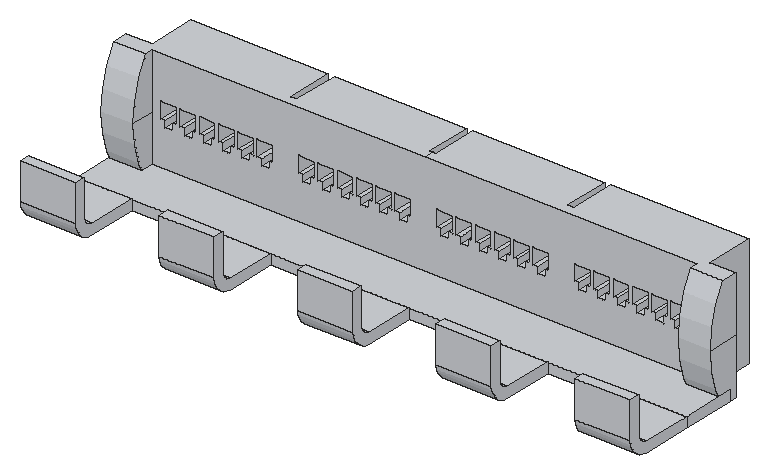
Revit family
Parameters
  Material ID = "760102251"
  Description = "360-Patchmax-GS6-2U"
Reference planes (in)
  plane 1 "Center (Front/Back)": y = 0
  plane 2: z = 0
  plane 3 "Center (Left/Right)": x = 0
Forms (in)
  Extrusion 1, solid
    sketch origin (0, 0, 0) x (1, 0, 0) y (0, 0, 1)
      loop
        line (0, 1.75) -> (-9.5, 1.75) -> (-9.5, 0) -> (-9.5, -1.75) -> (0, -1.75) -> (9.5, -1.75) -> (9.5, 0) -> (9.5, 1.75) -> (0, 1.75)
    from 0 to 2.5
  Extrusion 2, void
    sketch origin (0, 0, 0) x (0, 1, 0) y (0, 0, 1)
      loop
        line (-2, 1.75) -> (-3.8877, 1.75) -> (-3.8877, -1.75) -> (-2, -1.75)
        arc (-2, -1.75) -> (-2.4805, 0) -> (-2, 1.75) r 3.42703
    from -11.51115 to 12
  Extrusion 3, void
    sketch origin (0, 0, 0) x (1, 0, 0) y (0, 0, 1)
      loop
        line (-8.5, 1.75) -> (-8.5, 0) -> (-8.5, -1.75) -> (0, -1.75) -> (8.5, -1.75) -> (8.5, 0) -> (8.5, 1.75) -> (0, 1.75) -> (-8.5, 1.75)
    from 1.75233 to 12
  Extrusion 4, void
    sketch origin (0, 0, 0) x (0, 1, 0) y (0, 0, 1)
      loop
        line (0, 1.75) -> (-1.5, 1.75) -> (-1.5, -1.75) -> (0, -1.75) -> (0, 1.75)
    from 8.68821 to 11.36382
  Extrusion 5, void
    sketch origin (0, 0, 0) x (0, 1, 0) y (0, 0, -1)
      loop
        line (0, -1.75) -> (0, 1.75) -> (-1.5, 1.75) -> (-1.5, -1.75) -> (0, -1.75)
    from 8.68821 to 11.36382
  Extrusion 6, void, not visible
    sketch origin (0, 0, 0) x (1, 0, 0) y (0, 0, 1)
      loop
        line (-7.85662, 0.48089) -> (-7.85662, -0.39002) -> (-7.67285, -0.39002) -> (-7.67285, -0.64002) -> (-7.0736, -0.64002) -> (-7.0736, -0.39002) -> (-6.92978, -0.39002) -> (-6.92978, 0.48089) -> (-7.85662, 0.48089)
    from -3.79215 to 12
  Extrusion 7, void
    sketch origin (0, 0, 0) x (1, 0, 0) y (0, 0, 1)
      loop
        line (-8.21397, 0.42583) -> (-8.21397, -0.07417) -> (-8.08657, -0.07417) -> (-8.08657, -0.27417) -> (-7.83657, -0.27417) -> (-7.83657, -0.07417) -> (-7.72497, -0.07417) -> (-7.72497, 0.42583) -> (-8.21397, 0.42583)
    from 0.74059 to 3.34334
  Extrusion 8, void
    sketch origin (0.6, 0, 0) x (1, 0, 0) y (0, 0, 1)
      loop
        line (-8.21397, 0.42583) -> (-8.21397, -0.07417) -> (-8.08657, -0.07417) -> (-8.08657, -0.27417) -> (-7.83657, -0.27417) -> (-7.83657, -0.07417) -> (-7.72497, -0.07417) -> (-7.72497, 0.42583) -> (-8.21397, 0.42583)
    from 0.74059 to 3.34334
  Extrusion 9, void
    sketch origin (1.2, 0, 0) x (1, 0, 0) y (0, 0, 1)
      loop
        line (-8.21397, 0.42583) -> (-8.21397, -0.07417) -> (-8.08657, -0.07417) -> (-8.08657, -0.27417) -> (-7.83657, -0.27417) -> (-7.83657, -0.07417) -> (-7.72497, -0.07417) -> (-7.72497, 0.42583) -> (-8.21397, 0.42583)
    from 0.74059 to 3.34334
  Extrusion 10, void
    sketch origin (1.8, 0, 0) x (1, 0, 0) y (0, 0, 1)
      loop
        line (-8.21397, 0.42583) -> (-8.21397, -0.07417) -> (-8.08657, -0.07417) -> (-8.08657, -0.27417) -> (-7.83657, -0.27417) -> (-7.83657, -0.07417) -> (-7.72497, -0.07417) -> (-7.72497, 0.42583) -> (-8.21397, 0.42583)
    from 0.74059 to 3.34334
  Extrusion 11, void
    sketch origin (2.4, 0, 0) x (1, 0, 0) y (0, 0, 1)
      loop
        line (-8.21397, 0.42583) -> (-8.21397, -0.07417) -> (-8.08657, -0.07417) -> (-8.08657, -0.27417) -> (-7.83657, -0.27417) -> (-7.83657, -0.07417) -> (-7.72497, -0.07417) -> (-7.72497, 0.42583) -> (-8.21397, 0.42583)
    from 0.74059 to 3.34334
  Extrusion 12, void
    sketch origin (3, 0, 0) x (1, 0, 0) y (0, 0, 1)
      loop
        line (-8.21397, 0.42583) -> (-8.21397, -0.07417) -> (-8.08657, -0.07417) -> (-8.08657, -0.27417) -> (-7.83657, -0.27417) -> (-7.83657, -0.07417) -> (-7.72497, -0.07417) -> (-7.72497, 0.42583) -> (-8.21397, 0.42583)
    from 0.74059 to 3.34334
  Extrusion 13, void, not visible
    sketch origin (0, 0, 0) x (1, 0, 0) y (0, 0, 1)
      loop
        line (-8.21397, 0.42583) -> (-8.21397, -0.07417) -> (-8.08657, -0.07417) -> (-8.08657, -0.27417) -> (-7.83657, -0.27417) -> (-7.83657, -0.07417) -> (-7.72497, -0.07417) -> (-7.72497, 0.42583) -> (-8.21397, 0.42583)
    from 0.74059 to 3.34334
  Extrusion 14, void
    sketch origin (4.3, 0, 0) x (1, 0, 0) y (0, 0, 1)
      loop
        line (-8.21397, 0.42583) -> (-8.21397, -0.07417) -> (-8.08657, -0.07417) -> (-8.08657, -0.27417) -> (-7.83657, -0.27417) -> (-7.83657, -0.07417) -> (-7.72497, -0.07417) -> (-7.72497, 0.42583) -> (-8.21397, 0.42583)
    from 0.74059 to 3.34334
  Extrusion 15, void
    sketch origin (4.9, 0, 0) x (1, 0, 0) y (0, 0, 1)
      loop
        line (-8.21397, 0.42583) -> (-8.21397, -0.07417) -> (-8.08657, -0.07417) -> (-8.08657, -0.27417) -> (-7.83657, -0.27417) -> (-7.83657, -0.07417) -> (-7.72497, -0.07417) -> (-7.72497, 0.42583) -> (-8.21397, 0.42583)
    from 0.74059 to 3.34334
  Extrusion 16, void
    sketch origin (5.5, 0, 0) x (1, 0, 0) y (0, 0, 1)
      loop
        line (-8.21397, 0.42583) -> (-8.21397, -0.07417) -> (-8.08657, -0.07417) -> (-8.08657, -0.27417) -> (-7.83657, -0.27417) -> (-7.83657, -0.07417) -> (-7.72497, -0.07417) -> (-7.72497, 0.42583) -> (-8.21397, 0.42583)
    from 0.74059 to 3.34334
  Extrusion 17, void
    sketch origin (6.1, 0, 0) x (1, 0, 0) y (0, 0, 1)
      loop
        line (-8.21397, 0.42583) -> (-8.21397, -0.07417) -> (-8.08657, -0.07417) -> (-8.08657, -0.27417) -> (-7.83657, -0.27417) -> (-7.83657, -0.07417) -> (-7.72497, -0.07417) -> (-7.72497, 0.42583) -> (-8.21397, 0.42583)
    from 0.74059 to 3.34334
  Extrusion 18, void
    sketch origin (6.7, 0, 0) x (1, 0, 0) y (0, 0, 1)
      loop
        line (-8.21397, 0.42583) -> (-8.21397, -0.07417) -> (-8.08657, -0.07417) -> (-8.08657, -0.27417) -> (-7.83657, -0.27417) -> (-7.83657, -0.07417) -> (-7.72497, -0.07417) -> (-7.72497, 0.42583) -> (-8.21397, 0.42583)
    from 0.74059 to 3.34334
  Extrusion 19, void
    sketch origin (7.3, 0, 0) x (1, 0, 0) y (0, 0, 1)
      loop
        line (-8.21397, 0.42583) -> (-8.21397, -0.07417) -> (-8.08657, -0.07417) -> (-8.08657, -0.27417) -> (-7.83657, -0.27417) -> (-7.83657, -0.07417) -> (-7.72497, -0.07417) -> (-7.72497, 0.42583) -> (-8.21397, 0.42583)
    from 0.74059 to 3.34334
  Extrusion 20, void
    sketch origin (8.6, 0, 0) x (1, 0, 0) y (0, 0, 1)
      loop
        line (-8.21397, 0.42583) -> (-8.21397, -0.07417) -> (-8.08657, -0.07417) -> (-8.08657, -0.27417) -> (-7.83657, -0.27417) -> (-7.83657, -0.07417) -> (-7.72497, -0.07417) -> (-7.72497, 0.42583) -> (-8.21397, 0.42583)
    from 0.74059 to 3.34334
  Extrusion 21, void
    sketch origin (9.2, 0, 0) x (1, 0, 0) y (0, 0, 1)
      loop
        line (-8.21397, 0.42583) -> (-8.21397, -0.07417) -> (-8.08657, -0.07417) -> (-8.08657, -0.27417) -> (-7.83657, -0.27417) -> (-7.83657, -0.07417) -> (-7.72497, -0.07417) -> (-7.72497, 0.42583) -> (-8.21397, 0.42583)
    from 0.74059 to 3.34334
  Extrusion 22, void
    sketch origin (9.8, 0, 0) x (1, 0, 0) y (0, 0, 1)
      loop
        line (-8.21397, 0.42583) -> (-8.21397, -0.07417) -> (-8.08657, -0.07417) -> (-8.08657, -0.27417) -> (-7.83657, -0.27417) -> (-7.83657, -0.07417) -> (-7.72497, -0.07417) -> (-7.72497, 0.42583) -> (-8.21397, 0.42583)
    from 0.74059 to 3.34334
  Extrusion 23, void
    sketch origin (10.4, 0, 0) x (1, 0, 0) y (0, 0, 1)
      loop
        line (-8.21397, 0.42583) -> (-8.21397, -0.07417) -> (-8.08657, -0.07417) -> (-8.08657, -0.27417) -> (-7.83657, -0.27417) -> (-7.83657, -0.07417) -> (-7.72497, -0.07417) -> (-7.72497, 0.42583) -> (-8.21397, 0.42583)
    from 0.74059 to 3.34334
  Extrusion 24, void
    sketch origin (11, 0, 0) x (1, 0, 0) y (0, 0, 1)
      loop
        line (-8.21397, 0.42583) -> (-8.21397, -0.07417) -> (-8.08657, -0.07417) -> (-8.08657, -0.27417) -> (-7.83657, -0.27417) -> (-7.83657, -0.07417) -> (-7.72497, -0.07417) -> (-7.72497, 0.42583) -> (-8.21397, 0.42583)
    from 0.74059 to 3.34334
  Extrusion 25, void
    sketch origin (11.6, 0, 0) x (1, 0, 0) y (0, 0, 1)
      loop
        line (-8.21397, 0.42583) -> (-8.21397, -0.07417) -> (-8.08657, -0.07417) -> (-8.08657, -0.27417) -> (-7.83657, -0.27417) -> (-7.83657, -0.07417) -> (-7.72497, -0.07417) -> (-7.72497, 0.42583) -> (-8.21397, 0.42583)
    from 0.74059 to 3.34334
  Extrusion 26, void
    sketch origin (12.9, 0, 0) x (1, 0, 0) y (0, 0, 1)
      loop
        line (-8.21397, 0.42583) -> (-8.21397, -0.07417) -> (-8.08657, -0.07417) -> (-8.08657, -0.27417) -> (-7.83657, -0.27417) -> (-7.83657, -0.07417) -> (-7.72497, -0.07417) -> (-7.72497, 0.42583) -> (-8.21397, 0.42583)
    from 0.74059 to 3.34334
  Extrusion 27, void
    sketch origin (13.5, 0, 0) x (1, 0, 0) y (0, 0, 1)
      loop
        line (-8.21397, 0.42583) -> (-8.21397, -0.07417) -> (-8.08657, -0.07417) -> (-8.08657, -0.27417) -> (-7.83657, -0.27417) -> (-7.83657, -0.07417) -> (-7.72497, -0.07417) -> (-7.72497, 0.42583) -> (-8.21397, 0.42583)
    from 0.74059 to 3.34334
  Extrusion 28, void
    sketch origin (14.1, 0, 0) x (1, 0, 0) y (0, 0, 1)
      loop
        line (-8.21397, 0.42583) -> (-8.21397, -0.07417) -> (-8.08657, -0.07417) -> (-8.08657, -0.27417) -> (-7.83657, -0.27417) -> (-7.83657, -0.07417) -> (-7.72497, -0.07417) -> (-7.72497, 0.42583) -> (-8.21397, 0.42583)
    from 0.74059 to 3.34334
  Extrusion 29, void
    sketch origin (14.7, 0, 0) x (1, 0, 0) y (0, 0, 1)
      loop
        line (-8.21397, 0.42583) -> (-8.21397, -0.07417) -> (-8.08657, -0.07417) -> (-8.08657, -0.27417) -> (-7.83657, -0.27417) -> (-7.83657, -0.07417) -> (-7.72497, -0.07417) -> (-7.72497, 0.42583) -> (-8.21397, 0.42583)
    from 0.74059 to 3.34334
  Extrusion 30, void
    sketch origin (15.3, 0, 0) x (1, 0, 0) y (0, 0, 1)
      loop
        line (-8.21397, 0.42583) -> (-8.21397, -0.07417) -> (-8.08657, -0.07417) -> (-8.08657, -0.27417) -> (-7.83657, -0.27417) -> (-7.83657, -0.07417) -> (-7.72497, -0.07417) -> (-7.72497, 0.42583) -> (-8.21397, 0.42583)
    from 0.74059 to 3.34334
  Extrusion 31, void
    sketch origin (15.9, 0, 0) x (1, 0, 0) y (0, 0, 1)
      loop
        line (-8.21397, 0.42583) -> (-8.21397, -0.07417) -> (-8.08657, -0.07417) -> (-8.08657, -0.27417) -> (-7.83657, -0.27417) -> (-7.83657, -0.07417) -> (-7.72497, -0.07417) -> (-7.72497, 0.42583) -> (-8.21397, 0.42583)
    from 0.74059 to 3.34334
  Extrusion 32, solid
    sketch origin (0, 0, 0) x (1, 0, 0) y (0, 0, 1)
      loop
        line (-9.5, -1.75) -> (9.5, -1.75) -> (9.5, -1.42045) -> (-9.5, -1.42045) -> (-9.5, -1.75)
    from 1.75233 to 3.42578
  Sweep 33, solid
    path origin (-12.96098, 0, 0) x (0, 1, 0) y (0, 0, 1)
      loop
        line (-3.42578, -1.75) -> (-4.97582, -1.75)
        arc (-4.97582, -1.75) -> (-5.41551, -1.5688) -> (-5.62847, -1.14359) r 0.67897
        line (-5.62847, -1.14359) -> (-5.62847, 0)
    profile origin (-12.96098, -4.2008, -1.75) x (0, 0, -1) y (1, 0, 0)
      loop
        line (0, 3.46098) -> (0, 5.17967) -> (-0.32955, 5.17967) -> (-0.32955, 3.46098) -> (0, 3.46098)
  Sweep 34, solid
    path origin (4.32033, 0, 0) x (0, 1, 0) y (0, 0, 1)
      loop
        line (-3.42578, -1.75) -> (-4.97582, -1.75)
        arc (-4.97582, -1.75) -> (-5.41551, -1.5688) -> (-5.62847, -1.14359) r 0.67897
        line (-5.62847, -1.14359) -> (-5.62847, 0)
    profile origin (4.32033, -4.2008, -1.75) x (0, 0, -1) y (1, 0, 0)
      loop
        line (0, 3.46098) -> (0, 5.17967) -> (-0.32955, 5.17967) -> (-0.32955, 3.46098) -> (0, 3.46098)
  Sweep 35, solid
    path origin (-8.64065, 0, 0) x (0, 1, 0) y (0, 0, 1)
      loop
        line (-3.42578, -1.75) -> (-4.97582, -1.75)
        arc (-4.97582, -1.75) -> (-5.41551, -1.5688) -> (-5.62847, -1.14359) r 0.67897
        line (-5.62847, -1.14359) -> (-5.62847, 0)
    profile origin (-8.64065, -4.2008, -1.75) x (0, 0, -1) y (1, 0, 0)
      loop
        line (0, 3.46098) -> (0, 5.17967) -> (-0.32955, 5.17967) -> (-0.32955, 3.46098) -> (0, 3.46098)
  Sweep 36, solid
    path origin (-4.32033, 0, 0) x (0, 1, 0) y (0, 0, 1)
      loop
        line (-3.42578, -1.75) -> (-4.97582, -1.75)
        arc (-4.97582, -1.75) -> (-5.41551, -1.5688) -> (-5.62847, -1.14359) r 0.67897
        line (-5.62847, -1.14359) -> (-5.62847, 0)
    profile origin (-4.32033, -4.2008, -1.75) x (0, 0, -1) y (1, 0, 0)
      loop
        line (0, 3.46098) -> (0, 5.17967) -> (-0.32955, 5.17967) -> (-0.32955, 3.46098) -> (0, 3.46098)
  Sweep 37, solid
    path origin (0, 0, 0) x (0, 1, 0) y (0, 0, 1)
      loop
        line (-3.42578, -1.75) -> (-4.97582, -1.75)
        arc (-4.97582, -1.75) -> (-5.41551, -1.5688) -> (-5.62847, -1.14359) r 0.67897
        line (-5.62847, -1.14359) -> (-5.62847, 0)
    profile origin (0, -4.2008, -1.75) x (0, 0, -1) y (1, 0, 0)
      loop
        line (0, 3.46098) -> (0, 5.17967) -> (-0.32955, 5.17967) -> (-0.32955, 3.46098) -> (0, 3.46098)
  Extrusion 38, void
    sketch origin (0, 0, 0) x (1, 0, 0) y (0, 0, 1)
      loop
        line (9.21516, 1.20765) -> (9.01112, 1.20765)
        arc (9.01112, 1.20765) -> (8.88612, 1.08265) -> (9.01112, 0.95765) r 0.125
        line (9.01112, 0.95765) -> (9.21516, 0.95765)
        arc (9.21516, 0.95765) -> (9.34016, 1.08265) -> (9.21516, 1.20765) r 0.125
    from -0.81157 to 2
  Extrusion 39, void
    sketch origin (0, 0, 0) x (1, 0, 0) y (0, 0, 1)
      loop
        arc (9.21516, -1.20765) -> (9.34016, -1.08265) -> (9.21516, -0.95765) r 0.125
        line (9.21516, -0.95765) -> (9.01112, -0.95765)
        arc (9.01112, -0.95765) -> (8.88612, -1.08265) -> (9.01112, -1.20765) r 0.125
        line (9.01112, -1.20765) -> (9.21516, -1.20765)
    from -0.81157 to 2
  Extrusion 40, void
    sketch origin (0, 0, 0) x (-1, 0, 0) y (0, 0, -1)
      loop
        arc (9.21516, -1.20765) -> (9.34016, -1.08265) -> (9.21516, -0.95765) r 0.125
        line (9.21516, -0.95765) -> (9.01112, -0.95765)
        arc (9.01112, -0.95765) -> (8.88612, -1.08265) -> (9.01112, -1.20765) r 0.125
        line (9.01112, -1.20765) -> (9.21516, -1.20765)
    from -0.81157 to 2
  Extrusion 41, void
    sketch origin (0, 0, 0) x (-1, 0, 0) y (0, 0, -1)
      loop
        line (9.21516, 1.20765) -> (9.01112, 1.20765)
        arc (9.01112, 1.20765) -> (8.88612, 1.08265) -> (9.01112, 0.95765) r 0.125
        line (9.01112, 0.95765) -> (9.21516, 0.95765)
        arc (9.21516, 0.95765) -> (9.34016, 1.08265) -> (9.21516, 1.20765) r 0.125
    from -0.81157 to 2
  Extrusion 42, void
    sketch origin (0, 0, 0) x (1, 0, 0) y (0, 0, 1)
      loop
        line (4.40826, 1.75) -> (4.20826, 1.75) -> (4.20826, -1.75) -> (4.40826, -1.75) -> (4.40826, 1.75)
    from 0 to 1.44779
  Extrusion 43, void
    sketch origin (-4.29969, 0, 0) x (1, 0, 0) y (0, 0, 1)
      loop
        line (4.40826, 1.75) -> (4.20826, 1.75) -> (4.20826, -1.75) -> (4.40826, -1.75) -> (4.40826, 1.75)
    from 0 to 1.44779
  Extrusion 44, void
    sketch origin (-8.6195, 0, 0) x (1, 0, 0) y (0, 0, 1)
      loop
        line (4.40826, 1.75) -> (4.20826, 1.75) -> (4.20826, -1.75) -> (4.40826, -1.75) -> (4.40826, 1.75)
    from 0 to 1.44779
Cuts and joins
  Extrusion 2, Extrusion 3, Extrusion 4, Extrusion 5, Extrusion 7, Extrusion 8, Extrusion 9, Extrusion 10, Extrusion 11, Extrusion 12, Extrusion 14, Extrusion 15, Extrusion 16, Extrusion 17, Extrusion 18, Extrusion 19, Extrusion 20, Extrusion 21, Extrusion 22, Extrusion 23, Extrusion 24, Extrusion 25, Extrusion 26, Extrusion 27, Extrusion 28, Extrusion 29, Extrusion 30, Extrusion 31, Extrusion 38, Extrusion 39, Extrusion 40, Extrusion 41, Extrusion 42, Extrusion 43, Extrusion 44 cuts Extrusion 1
  Extrusion 42 cuts Extrusion 32
  Extrusion 42 cuts Sweep 37
Dimensions and locks (in)
  equal spacing: group 2, group 3, group 4, group 5, group 6, group 7  (x3)
  equal spacing: group 9, group 10, group 11, group 12, group 13, group 14  (x3)
  equal spacing: group 16, group 17, group 18, group 19, group 20, group 21  (x3)
  equal spacing: group 23, group 24, group 25, group 26, group 27, group 28  (x3)
  equal spacing: group 30, group 32, group 33, group 34, group 31  (x3)
  aligned and locked: level to Extrusion 1 sketch curve
  aligned and locked: plane 3 "Center (Left/Right)" to Extrusion 1 sketch curve
  aligned and locked: Extrusion 3 sketch curve to cut or joined group 1 (Extrusion 1, Extrusion 2, Extrusion 3, Extrusion 4, Extrusion 5, Extrusion 7, Extrusion 8, Extrusion 9, Extrusion 10, Extrusion 11, Extrusion 12, Extrusion 14, Extrusion 15, Extrusion 16, Extrusion 17, Extrusion 18, Extrusion 19, Extrusion 20, Extrusion 21, Extrusion 22, Extrusion 23, Extrusion 24, Extrusion 25, Extrusion 26, Extrusion 27, Extrusion 28, Extrusion 29, Extrusion 30, Extrusion 31, Extrusion 38, Extrusion 39, Extrusion 40, Extrusion 41, Extrusion 42, Extrusion 43, Extrusion 44)  (x2)
  aligned and locked: level to Extrusion 3 sketch curve
  aligned and locked: Extrusion 4 sketch curve to cut or joined group 1
  aligned and locked: Extrusion 32 sketch curve to cut or joined group 1  (x2)
  aligned and locked: cut or joined group 1 to Extrusion 32 sketch curve
  aligned and locked: cut or joined group 1 to Extrusion 32
